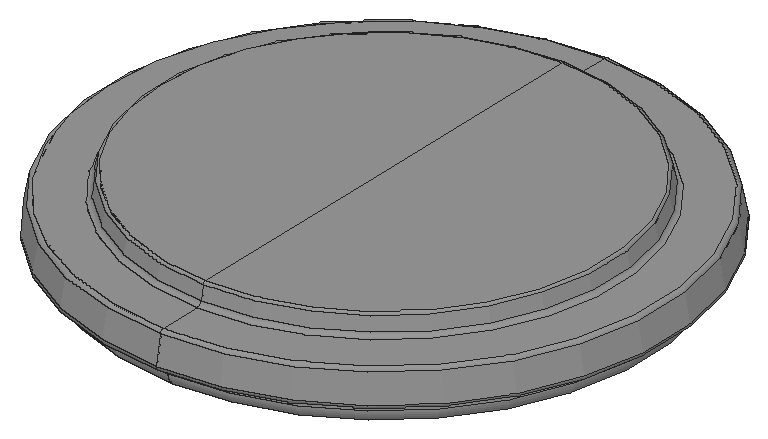
Revit family "FMK12_63_UN_Surface-mounted_ETK", category Lighting Fixtures, Revit 2017 (continued)
Definition of nested family "FMK.1 - Lightsource"
  Types (13, lengths in mm): name | Wattage Comments | Photometric Web File | built-in parameter 1150142 | Apparent Load
      537.1923\t510.3185\t483.5692\t456.7314\t429.1337\r\n401.576\t374.0792\t343.7273\t313.8252\t284.3692\t255.4331\t225.3259\t196.5097\t168.4813\t140.3186\r\n113.6458\t88.3264\t18.7483\t0\t0\t0\r\n874.5378\t873.5718\t871.3143\t868.2482\t864.0699\t858.7769\t852.7475\t845.0684\t836.6126\t826.9223\r\n816.0356\t804.4589\t791.4169\t777.3062\t762.6625\t747.446\t730.8942\t712.4232\t692.6625\t672.1055\r\n651.0285\t629.2854\t606.6172\t583.5472\t559.7246\t535.5937\t510.998\t484.7145\t456.6754\t428.5854\r\n400.4188\t372.2688\t344.6054\t314.312\t284.0728\t254.4418\t225.5761\t195.949\t167.9463\t140.4687\r\n113.4379\t88.1362\t71.0875\t0\t0\t0\r\n874.5378\t873.5778\t871.6724\t868.2862\t864.0811\t858.7397\t852.5389\t845.0283\t836.473\t826.8146\r\n815.9634\t804.3563\t791.3211\t777.2327\t762.3076\t746.381\t729.7628\t712.3959\t693.7249\t673.7875\r\n651.7581\t629.8357\t606.8066\t583.4555\t559.2172\t534.5241\t509.2913\t483.5462\t457.6773\t429.0467\r\n400.3767\t371.4921\t342.6683\t314.0384\t285.1107\t254.3394\t224.7361\t196.0291\t167.3291\t140.3142\r\n113.4771\t87.9507\t64.3151\t0\t0\t0\r\n874.5378\t873.5822\t871.7051\t868.3368\t864.1141\t858.7394\t852.5027\t844.8246\t836.3773\t826.6924\r\n815.914\t804.2489\t791.2202\t777.1011\t762.2471\t746.2464\t729.1785\t711.2863\t692.7002\t673.907\r\n652.9753\t631.371\t607.691\t583.9619\t559.5607\t534.4564\t508.8191\t482.5071\t455.9153\t428.6437\r\n401.3324\t371.8328\t342.2571\t312.8981\t283.7646\t255.346\t224.8809\t195.4228\t167.3581\t139.5585\r\n113.6418\t87.8922\t64.2382\t8.706\t0\t0\r\n874.5378\t873.5855\t871.7317\t868.4005\t864.1694\t858.7759\t852.5146\t844.7936\t836.1476\t826.5974\r\n815.8414\t804.1179\t791.1641\t777.044\t762.0179\t746.1226\t729.0074\t711.1016\t692.1581\t672.6484\r\n651.8985\t630.7307\t608.7859\t585.4082\t561.0742\t535.2728\t509.3136\t482.5582\t455.4728\t427.7626\r\n399.6408\t371.2677\t343.0502\t313.125\t283.1277\t253.5897\t224.8549\t196.0482\t166.9112\t139.4606\r\n112.7413\t87.9277\t63.9944\t42.3586\t0\t0\r\n874.5378\t873.5867\t871.752\t868.8147\t864.2468\t858.849\t852.5761\t844.8291\t836.1248\t826.402\r\n815.637\t804.0021\t791.0582\t776.9612\t761.8798\t746.0517\t728.897\t710.9614\t691.981\t672.329\r\n651.562\t630.0115\t607.5707\t584.3569\t560.6494\t536.4327\t510.8587\t484.1069\t456.3937\t428.1489\r\n399.4861\t370.6147\t341.6019\t312.4602\t283.6857\t253.9408\t223.9958\t195.1331\t167.5701\t139.3336\r\n112.468\t87.1663\t63.2402\t40.6889\t0\t0\r\n874.5378\t873.5864\t871.7659\t868.866\t864.6865\t858.9584\t852.6887\t844.932\t836.1945\t826.4508\r\n815.6455\t803.7881\t790.8174\t776.7697\t761.7967\t745.9151\t728.7914\t710.8409\t691.8706\t672.1189\r\n651.3591\t629.7749\t607.3922\t583.9006\t559.9617\t534.9928\t509.4867\t483.2704\t456.729\t429.5082\r\n401.0192\t371.6464\t342.0585\t312.3406\t282.6359\t252.9848\t223.8483\t195.2469\t166.3321\t138.9274\r\n113.0255\t86.7975\t60.6338\t37.9787\t3.2939\t0\r\n874.5378\t873.5845\t871.7728\t868.9005\t864.7517\t859.4224\t853.2247\t845.4756\t836.3574\t826.6182\r\n815.79\t803.8796\t790.8889\t776.8446\t761.7449\t745.7291\t728.656\t710.7077\t691.7462\t672.0155\r\n651.2864\t629.6375\t607.2429\t583.7384\t559.671\t534.6776\t509.0904\t482.6916\t455.7454\t428.1152\r\n399.9317\t371.2801\t342.2965\t313.1357\t283.8677\t254.0802\t224.01\t194.5414\t166.0764\t138.5035\r\n111.8912\t86.6696\t59.8677\t33.7962\t18.8956\t0\r\n874.5378\t873.5807\t871.7731\t868.9176\t864.7847\t859.4872\t853.3246\t845.6225\t836.9152\t827.2348\r\n816.4319\t804.4961\t791.5391\t777.5398\t762.0928\t745.9632\t728.9504\t711.0046\t692.0376\t672.115\r\n651.4037\t629.6678\t607.2565\t583.8433\t559.7558\t534.7614\t509.1452\t482.7008\t455.6668\t427.9771\r\n399.7331\t370.9579\t341.8861\t312.4368\t282.6709\t253.1872\t223.7471\t194.3836\t166.4978\t139.1964\r\n112.0848\t86.278\t61.7421\t29.4463\t15.7909\t0\r\n874.5378\t873.5755\t871.7661\t868.9174\t864.7857\t859.4991\t853.3397\t845.6535\t836.9663\t827.3039\r\n816.4996\t804.5916\t791.6701\t777.722\t762.7344\t746.5279\t729.6284\t711.7409\t692.8269\t672.8605\r\n652.2142\t630.4644\t608.0729\t584.7833\t560.762\t535.7658\t510.192\t483.7714\t456.7989\t428.9026\r\n400.6212\t371.8524\t342.6601\t313.1727\t283.557\t253.9669\t224.4794\t195.2484\t166.903\t139.071\r\n112.2525\t86.6658\t62.555\t33.1958\t13.3965\t10.8428\r\n874.5378\t873.5683\t871.7522\t868.9\t864.7542\t859.4576\t853.27\t845.5682\t836.871\t827.168\r\n816.3012\t804.3925\t791.4245\t777.4274\t762.0274\t745.8074\t728.8085\t710.8932\t691.9384\t671.9543\r\n651.2316\t629.4622\t607.0318\t583.6717\t559.5989\t534.5809\t508.8838\t482.5296\t455.4505\t427.7122\r\n399.497\t370.5209\t341.4888\t311.9798\t282.4217\t252.9404\t223.3652\t194.0868\t166.1129\t138.7711\r\n111.6707\t85.6632\t61.9355\t31.745\t14.7161\t0\r\n874.5378\t873.5594\t871.7314\t868.8655\t864.6902\t859.3634\t853.116\t845.367\t836.2714\t826.4828\r\n815.5296\t803.6718\t790.659\t776.6219\t761.6045\t745.4178\t728.3728\t710.4776\t691.5383\t671.6976\r\n650.9256\t629.2107\t606.7719\t583.4136\t559.3399\t534.3123\t508.5781\t482.3166\t455.2757\t427.4838\r\n399.4251\t370.5529\t341.6624\t312.4964\t283.2118\t253.4384\t223.2804\t193.749\t165.1177\t137.3662\r\n110.6576\t85.3817\t61.8435\t32.3883\t16.5386\t0\r\n874.5378\t873.5488\t871.7039\t868.8137\t864.5942\t858.8694\t852.5258\t844.7671\t836.0645\t826.2487\r\n815.2581\t803.4749\t790.4663\t776.4419\t761.5884\t745.4647\t728.38\t710.4823\t691.5428\t671.6192\r\n650.8192\t629.1405\t606.6856\t583.4004\t559.3159\t534.2642\t508.6703\t482.5708\t455.9544\t428.4128\r\n400.2011\t370.641\t341.0997\t311.2502\t281.3074\t251.6406\t222.3464\t193.5851\t164.8984\t137.482\r\n111.5561\t85.066\t61.4688\t36.8367\t2.8175\t0\r\n874.5378\t873.5366\t871.6694\t868.7447\t864.1252\t858.7295\t852.3629\t844.6134\t835.95\t826.1321\r\n815.1286\t803.586\t790.5828\t776.5418\t761.5393\t745.4367\t728.3358\t710.4255\t691.4979\t671.6068\r\n650.8316\t629.146\t606.7062\t583.6236\t559.612\t535.2815\t509.4116\t483.0524\t455.0708\t426.7148\r\n398.0643\t369.1044\t340.0497\t310.6902\t281.7444\t251.9973\t222.2199\t193.4802\t166.0353\t137.5909\r\n110.4203\t84.907\t61.229\t38.3068\t0\t0\r\n874.5378\t873.5227\t871.6285\t868.3112\t864.0164\t858.6254\t852.2545\t844.5295\t835.9249\t826.2812\r\n815.2254\t803.5877\t790.567\t776.4972\t761.4942\t745.4868\t728.3802\t710.3903\t691.2948\t671.5659\r\n650.9368\t629.5383\t607.7505\t584.3768\t559.6906\t533.692\t507.346\t480.9531\t453.6267\t425.8941\r\n397.6065\t369.1847\t340.8336\t310.9444\t281.1368\t251.5888\t222.9379\t194.1917\t164.9845\t137.2643\r\n110.323\t85.2793\t61.3599\t39.1384\t0\t0\r\n874.5378\t873.5071\t871.5811\t868.2301\t863.9298\t858.5572\t852.2007\t844.5146\t836.1201\t826.2817\r\n815.2028\t803.6118\t790.5441\t776.488\t761.4852\t745.4399\t728.2014\t710.3975\t691.4949\t672.5998\r\n651.8244\t629.8369\t606.2504\t582.3727\t557.7674\t532.4203\t506.4894\t480.3812\t453.6059\t426.1977\r\n398.6793\t369.3129\t339.8389\t310.5699\t281.4929\t253.1723\t222.7268\t193.2386\t165.0631\t137.0356\r\n110.8843\t85.0985\t61.4941\t8.1914\t0\t0\r\n874.5378\t873.4902\t871.5278\t868.1619\t863.8648\t858.5252\t852.2012\t844.6992\t836.1372\t826.2145\r\n815.2541\t803.5832\t790.4973\t776.4171\t761.2854\t745.3382\t728.3859\t711.3501\t692.1958\t672.2171\r\n650.2374\t628.0707\t604.9181\t581.3745\t557.0695\t531.9922\t506.5216\t480.7971\t454.8203\t426.1843\r\n397.6372\t368.8224\t340.0626\t311.5374\t282.5883\t251.8048\t222.2881\t193.527\t164.7077\t137.4862\r\n110.5445\t84.9836\t61.3334\t0\t0\t0\r\n874.5378\t873.4716\t871.1474\t868.1061\t863.8214\t858.5291\t852.4045\t844.689\t836.1072\t826.1969\r\n815.2373\t803.5188\t790.4219\t776.2264\t761.3979\t746.1378\t729.0821\t711.0239\t690.841\t670.3909\r\n649.1584\t627.2061\t604.2708\t581.0194\t557.0613\t532.5959\t507.844\t481.4188\t453.4997\t425.5058\r\n397.4694\t369.3362\t341.7743\t311.4835\t281.1792\t251.5838\t222.7303\t193.2173\t165.1013\t137.4624\r\n110.4173\t85.0342\t67.548\t0\t0\t0\r\n874.5378\t873.4518\t871.098\t868.062\t863.7991\t858.7481\t852.5\t844.6855\t836.0876\t826.1832\r\n815.211\t803.2747\t790.2758\t776.4052\t762.1799\t746.0472\t728.3438\t709.2535\t689.7636\t669.4388\r\n648.4962\t626.8384\t604.2126\t581.3408\t557.7532\t533.7776\t506.9621\t480.0893\t453.1292\t425.8497\r\n398.3428\t370.8436\t340.593\t310.68\t281.1013\t252.1371\t222.1939\t193.4646\t165.4105\t137.2273\r\n110.4684\t85.0747\t17.8491\t0\t0\t0\r\n874.5378\t873.4307\t871.0546\t868.0295\t863.7979\t858.823\t852.5238\t844.6756\t836.0531\t826.1726\r\n815.0242\t803.267\t790.536\t777.2732\t761.8659\t744.6974\t726.7811\t708.3049\t689.066\t668.8957\r\n648.2678\t626.9323\t604.8346\t582.6715\t558.3432\t532.3764\t506.2836\t480.1082\t453.7371\t426.9201\r\n399.5042\t369.4263\t339.821\t310.7152\t281.9363\t251.5333\t222.3384\t194.1778\t165.0767\t137.1926\r\n110.5867\t85.158\t0\t0\t0\t0\r\n874.5378\t873.4084\t871.0174\t868.0074\t863.9782\t858.855\t852.5347\t844.6615\t836.0073\t826.1602\r\n815.0473\t803.3722\t791.3655\t777.0594\t760.4598\t743.7584\t726.0979\t707.7042\t688.7687\t668.8887\r\n648.5609\t627.6845\t606.2692\t581.8574\t557.0948\t531.8283\t506.5164\t480.8068\t455.3729\t427.7516\r\n397.9966\t368.866\t339.9889\t311.5061\t281.1693\t251.6302\t223.0944\t193.7326\t164.9165\t137.296\r\n110.7672\t92.6719\t0\t0\t0\t0\r\n874.5378\t873.3851\t870.9864\t867.9804\t864.0099\t858.8791\t852.5298\t844.6389\t835.95\t826.0359\r\n815.1802\t804.1752\t791.2075\t775.7259\t759.6064\t743.0978\t725.6624\t707.4716\t688.8183\t669.2989\r\n649.3205\t628.7157\t605.1307\t581.0278\t556.792\t532.1068\t507.2488\t482.5284\t454.9652\t426.3368\r\n397.5234\t369.1232\t340.9559\t310.6969\t281.0219\t252.0617\t222.9785\t193.4688\t165.0023\t137.5269\r\n110.9832\t57.7845\t0\t0\t0\t0\r\n874.5378\t873.361\t870.9611\t867.9764\t864.0397\t858.8947\t852.5099\t844.6086\t835.7159\t826.1116\r\n815.952\t804.107\t789.9901\t774.8418\t758.999\t742.6154\t725.5089\t707.5924\t689.2267\t670.0786\r\n650.3041\t627.4499\t604.3867\t580.9269\t556.9728\t532.9366\t508.8417\t481.897\t453.8789\t425.7503\r\n397.7895\t370.0639\t340.319\t310.5456\t281.3872\t252.7353\t222.5949\t193.4507\t165.1616\t137.768\r\n111.2268\t0\t0\t0\t0\t0\r\n874.5378\t873.3357\t870.9415\t867.9821\t864.067\t858.9014\t852.465\t844.5526\t835.697\t826.2614\r\n816.0864\t803.6152\t789.202\t774.2582\t758.6697\t742.3064\t725.6242\t708.0264\t689.8951\t671.1272\r\n649.0676\t626.8292\t604.1416\t581.0734\t557.6848\t534.63\t508.4278\t480.9271\t453.3281\t425.9125\r\n398.728\t369.5453\t339.9046\t310.7678\t282.3063\t252.2366\t222.4436\t193.5077\t165.3959\t138.0713\r\n121.3613\t0\t0\t0\t0\t0\r\n874.5378\t872.9774\t870.9624\t868.1791\t864.092\t858.8967\t852.3319\t844.3515\t835.7488\t826.9915\r\n815.9889\t802.3564\t788.584\t773.8981\t758.5075\t742.3275\t725.9478\t708.7198\t690.9781\t670.0402\r\n648.425\t626.5008\t604.2788\t581.6461\t559.4292\t534.6424\t507.435\t480.4643\t453.4368\t426.4353\r\n398.8264\t369.0672\t339.9817\t311.2998\t282.1365\t251.941\t222.4806\t193.7413\t165.6824\t138.3686\r\n92.7694\t0\t0\t0\t0\t0\r\n874.5378\t872.9521\t870.951\t868.1967\t864.1148\t858.8619\t852.2664\t844.3465\t835.8721\t827.0222\r\n815.5225\t801.7478\t788.1341\t773.6613\t758.5189\t742.6444\t726.4356\t710.0644\t690.0841\t669.3074\r\n648.1138\t626.5633\t604.9057\t582.6996\t559.6685\t533.2\t506.8356\t480.4643\t454.0791\t427.2698\r\n397.9034\t368.9925\t340.3708\t312.1658\t281.7084\t251.8435\t222.5897\t193.9868\t166.0251\t138.699\r\n14.9663\t0\t0\t0\t0\t0\r\n874.5378\t872.9285\t870.9433\t868.212\t864.1354\t858.8421\t852.2069\t844.3899\t836.6052\t826.7985\r\n814.3264\t801.2999\t787.8124\t773.5896\t758.7203\t743.1742\t727.5886\t709.9551\t689.3562\t668.923\r\n648.2026\t627.0816\t605.5443\t584.0246\t558.2718\t532.554\t506.7208\t480.8279\t455.1122\t426.5682\r\n397.6913\t369.2033\t341.0246\t311.5899\t281.4368\t251.7971\t222.7655\t194.3008\t166.4016\t153.2556\r\n0\t0\t0\t0\t0\t0\r\n874.5378\t872.9069\t870.9386\t868.2257\t864.185\t858.8183\t851.9755\t844.5097\t836.6798\t826.3234\r\n813.784\t800.9822\t787.5701\t773.6819\t759.0134\t743.8787\t727.9122\t708.6283\t688.9772\t668.8748\r\n648.4573\t627.6471\t607.2662\t582.8449\t557.6585\t532.2931\t506.9896\t481.5344\t454.5783\t426.0799\r\n397.8116\t369.7484\t341.7884\t311.1765\t281.2486\t251.8609\t222.9676\t194.5925\t166.7495\t135.4469\r\n0\t0\t0\t0\t0\t0\r\n874.5378\t872.8873\t870.9363\t868.2381\t864.1949\t858.791\t852.0553\t844.6019\t836.5831\t825.2274\r\n813.3331\t800.7868\t787.5218\t773.9534\t759.4913\t745.1929\t727.0053\t707.9728\t688.7873\t668.9993\r\n649.0036\t629.299\t606.9956\t581.9623\t557.3651\t532.4466\t507.4576\t482.3684\t454\t425.9998\r\n398.1114\t370.8218\t340.9856\t310.9265\t281.2218\t251.9715\t223.2218\t194.9282\t167.063\t93.5989\r\n0\t0\t0\t0\t0\t0\r\n874.5378\t872.8692\t870.9368\t868.25\t864.1949\t858.7593\t852.1064\t845.2098\t836.3088\t824.7548\r\n812.9482\t800.638\t787.6594\t774.2694\t760.1867\t745.2601\t726.4795\t707.6945\t688.8051\t669.3589\r\n649.7637\t629.8292\t605.7869\t581.5746\t557.2111\t532.8607\t508.6718\t481.3983\t453.7475\t426.1148\r\n398.6647\t371.0606\t340.6131\t310.7157\t281.1881\t252.152\t223.4993\t195.2628\t167.4196\t13.2541\r\n0\t0\t0\t0\t0\t0\r\n874.5378\t872.8494\t870.939\t868.2666\t864.1885\t858.7139\t852.1766\t845.1624\t835.9373\t824.414\r\n812.6672\t800.5604\t787.8615\t774.6067\t761.4721\t744.1557\t726.2023\t707.6318\t688.8733\t670.0819\r\n651.1927\t628.8454\t605.2276\t581.4412\t557.6111\t533.479\t508.7908\t481.0305\t453.6399\t426.472\r\n399.7939\t370.2583\t340.2739\t310.5922\t281.3168\t252.3789\t223.7711\t195.5688\t180.0939\t0\r\n0\t0\t0\t0\t0\t0\r\n874.5378\t872.8345\t870.9428\t868.2788\t864.1751\t858.672\t852.2572\t845.1349\t835.013\t824.0988\r\n812.5028\t800.5405\t788.1073\t775.2296\t761.604\t743.727\t725.923\t707.76\t689.2865\t670.7182\r\n651.5245\t628.1751\t604.897\t581.4903\t558.0072\t534.7468\t508.0518\t480.868\t453.8544\t426.9476\r\n400.0277\t369.8302\t340.067\t310.5716\t281.4306\t252.5944\t224.1092\t195.9748\t157.197\t0\r\n0\t0\t0\t0\t0\t0\r\n874.5378\t872.8219\t870.9477\t868.2897\t864.1558\t858.453\t852.3157\t845.0791\t834.6249\t823.796\r\n812.4475\t800.5442\t788.459\t776.4141\t761.1442\t743.4574\t725.8335\t708.0663\t689.8824\t672.0721\r\n650.6803\t627.7465\t604.8006\t581.743\t558.6289\t534.7917\t507.7168\t481.3787\t454.4154\t428.0592\r\n399.2589\t369.4126\t339.8892\t310.6205\t281.6174\t252.8834\t224.4504\t196.3059\t118.3434\t0\r\n0\t0\t0\t0\t0\t0\r\n874.5378\t872.8107\t870.9534\t868.2996\t864.1176\t858.4334\t852.4115\t845.0974\t834.2703\t823.5867\r\n812.5083\t800.7278\t788.8292\t776.5746\t760.1341\t743.1717\t725.8886\t708.4254\t690.6393\t672.4379\r\n649.9567\t627.6406\t604.9496\t582.2043\t559.7484\t533.8654\t507.4859\t481.1029\t455.4086\t429.164\r\n398.971\t369.1463\t339.8235\t310.6736\t281.8098\t253.1968\t224.8415\t196.7255\t31.9915\t0\r\n0\t0\t0\t0\t0\t0\r\n874.5378\t872.8015\t871.1429\t868.308\t864.1004\t858.4294\t853.0114\t844.9043\t833.8973\t823.4907\r\n812.5544\t801.0655\t789.1452\t776.5354\t759.7264\t742.9408\t726.0542\t708.8403\t692.1219\t672.26\r\n649.5891\t627.4363\t605.2852\t582.8997\t559.9971\t533.5288\t507.4298\t481.4059\t455.4431\t428.6033\r\n399.2041\t369.4637\t339.9591\t310.8159\t282.0774\t253.5515\t225.2304\t213.5555\t1.3866\t0\r\n0\t0\t0\t0\t0\t0\r\n874.5378\t872.7941\t871.1174\t868.3155\t864.0856\t858.4398\t852.9888\t844.0705\t833.6942\t823.3962\r\n812.5777\t801.475\t790.2465\t775.5141\t759.3445\t742.9683\t726.1921\t709.3398\t692.5373\t671.2616\r\n649.4168\t627.5109\t605.553\t584.2067\t559.2507\t533.4118\t507.5734\t481.8005\t456.5115\t427.6425\r\n398.2456\t369.0111\t340.349\t311.4724\t282.5248\t253.9431\t225.6406\t197.3849\t0\t0\r\n0\t0\t0\t0\t0\t0\r\n874.5378\t872.7884\t871.1198\t868.3214\t864.0714\t858.4701\t852.9325\t843.7409\t833.6473\t823.2429\r\n812.7131\t801.8505\t790.691\t774.9735\t759.1347\t742.9272\t726.5629\t709.8764\t692.4735\t670.8095\r\n649.3575\t627.7671\t606.0971\t584.3736\t559.0374\t533.3513\t507.7778\t482.2777\t456.7614\t427.209\r\n398.0085\t368.9449\t340.0432\t311.3117\t282.7547\t254.4763\t226.1867\t170.8479\t0\t0\r\n0\t0\t0\t0\t0\t0\r\n874.5378\t872.7847\t871.1223\t868.338\t864.0578\t858.5237\t852.8341\t843.4478\t833.5488\t823.2067\r\n812.9309\t802.161\t790.8695\t774.7542\t758.9229\t743.0095\t726.8766\t711.1584\t691.5004\t670.4968\r\n649.3255\t628.0131\t606.6955\t584.4671\t558.616\t533.3076\t508.1456\t482.8324\t456.4182\t426.833\r\n397.8704\t368.9464\t340.1717\t311.549\t283.0694\t254.7372\t226.55\t135.9928\t0\t0\r\n0\t0\t0\t0\t0\t0\r\n874.5378\t872.7827\t871.1248\t868.3385\t864.0404\t858.6363\t852.6731\t843.1397\t833.4635\t823.2886\r\n813.0276\t802.6322\t790.6786\t774.6813\t758.8626\t743.1652\t727.2359\t711.4659\t691.1113\t670.2713\r\n649.4165\t628.407\t607.697\t583.5695\t558.5595\t533.5279\t508.37\t483.7612\t455.5512\t426.5722\r\n397.6973\t368.9345\t340.3225\t311.8335\t283.4464\t255.1709\t250.9827\t49.0323\t0\t0\r\n0\t0\t0\t0\t0\t0\r\n874.5378\t872.7824\t871.1273\t868.3336\t864.0218\t858.7104\t852.5489\t842.8917\t833.3688\t823.3781\r\n813.1947\t803.6353\t789.7431\t774.5645\t758.9698\t743.3083\t727.755\t711.4599\t690.7643\t670.1637\r\n649.5053\t628.8581\t608.1902\t583.3468\t558.4625\t533.6548\t508.8402\t484.1538\t455.201\t426.3018\r\n397.6395\t369.0329\t340.5025\t312.0882\t283.7884\t255.6057\t247.447\t20.395\t0\t0\r\n0\t0\t0\t0\t0\t0\r\n874.5378\t872.7842\t871.13\t868.3244\t863.8177\t858.7744\t852.4437\t842.6847\t833.222\t823.5262\r\n813.4184\t803.7318\t789.472\t774.355\t759.2004\t743.6342\t728.0876\t711.4192\t690.4506\t670.1786\r\n649.6945\t629.1648\t608.1704\t583.2992\t558.6503\t533.8852\t509.326\t484.0605\t454.8593\t426.225\r\n397.6911\t369.1505\t340.6853\t312.3818\t284.1728\t256.0384\t237.1609\t0\t0\t0\r\n0\t0\t0\t0\t0\t0\r\n874.5378\t872.7874\t871.133\t868.3112\t863.819\t859.3046\t852.4209\t842.5108\t833.1295\t823.6174\r\n813.7004\t803.7124\t789.1229\t774.26\t759.223\t744.1329\t729.3142\t710.2648\t690.3864\t670.1592\r\n649.9661\t629.794\t607.8971\t583.0212\t558.7433\t534.3983\t510.4872\t483.2263\t454.6172\t426.1513\r\n397.6846\t369.266\t340.9541\t312.7436\t284.584\t256.5004\t221.7078\t0\t0\t0\r\n0\t0\t0\t0\t0\t0\r\n874.5378\t872.7926\t871.1365\t868.2726\t863.8123\t859.3416\t852.2686\t842.4314\t833.065\t823.6221\r\n814.0622\t803.7139\t788.8391\t774.1231\t759.2704\t744.3484\t729.6577\t710.2353\t690.1562\t670.31\r\n650.3185\t630.635\t6
      07.254\t583.0959\t558.7842\t534.5868\t510.9239\t483.162\t454.6901\t426.2272\r\n397.7657\t369.4458\t341.2148\t313.0653\t284.9522\t256.9235\t202.3618\t0\t0\t0\r\n0\t0\t0\t0\t0\t0\r\n874.5378\t872.7993\t871.1166\t868.2572\t863.8063\t859.3721\t851.5001\t842.4617\t833.0791\t823.7032\r\n814.2286\t803.8126\t788.6492\t774.0281\t759.3653\t744.5446\t729.5962\t709.9595\t690.3358\t670.5518\r\n650.6352\t630.9604\t607.0703\t583.0666\t559.1029\t535.0702\t511.134\t482.831\t454.4883\t426.2376\r\n398.0035\t369.7985\t341.6168\t313.4983\t285.4299\t257.4451\t180.4155\t0\t0\t0\r\n0\t0\t0\t0\t0\t0\r\n874.5378\t872.808\t871.1226\t868.245\t863.8001\t859.4232\t851.3304\t842.4052\t833.2185\t823.8307\r\n814.4499\t803.611\t788.6712\t774.074\t759.4764\t744.8784\t729.556\t709.6624\t690.1842\t670.6245\r\n651.1255\t631.2163\t607.0184\t583.0926\t559.177\t535.3177\t511.3009\t482.83\t454.5751\t426.2887\r\n398.0948\t369.959\t341.8881\t313.8666\t285.8902\t257.9527\t156.8784\t0\t0\t0\r\n0\t0\t0\t0\t0\t0\r\n874.5378\t872.8184\t871.1327\t868.2366\t863.7659\t859.442\t851.1995\t842.2831\t833.2931\t824.0742\r\n815.3474\t802.8117\t788.5502\t774.2374\t759.7599\t745.2055\t729.4821\t709.6885\t690.3288\t670.7949\r\n651.2991\t631.0308\t606.9175\t583.2677\t559.5088\t535.716\t511.1151\t482.5063\t454.3613\t426.2954\r\n398.3135\t370.292\t342.2782\t314.28\t286.2865\t285.7104\t75.7514\t0\t0\t0\r\n0\t0\t0\t0\t0\t0\r\n874.5378\t872.8303\t871.1474\t868.2319\t863.7671\t859.4492\t851.1179\t842.2219\t833.2847\t824.2664\r\n815.6777\t802.7252\t788.5708\t774.3078\t760.0126\t746.2546\t729.4181\t709.6036\t690.4208\t671.2998\r\n652.0436\t631.1536\t606.885\t583.2315\t559.6544\t536.0892\t511.0662\t482.478\t454.4372\t426.4124\r\n398.4095\t370.4465\t342.5088\t314.5962\t286.7324\t284.7759\t56.2397\t0\t0\t0\r\n0\t0\t0\t0\t0\t0\r\n874.5378\t872.9292\t871.1662\t868.2222\t863.7828\t859.4115\t851.0383\t842.1901\t833.3088\t824.3775\r\n815.8992\t802.6644\t788.5706\t774.4926\t760.3018\t746.6516\t728.7718\t709.6587\t690.5486\t671.4178\r\n652.8694\t630.6985\t607.2176\t583.6288\t560.013\t536.9103\t510.2848\t482.3372\t454.4364\t426.5228\r\n398.6154\t370.7206\t342.8538\t315.0007\t287.1577\t282.0541\t40.6303\t0\t0\t0\r\n0\t0\t0\t0\t0\t0\r\n874.5378\t872.9421\t871.1895\t868.2289\t863.813\t859.4289\t850.9458\t842.1785\t833.3425\t824.4884\r\n816.0098\t802.6081\t788.5081\t774.4197\t760.5076\t747.0261\t728.9124\t709.75\t690.6681\t671.6222\r\n653.1125\t630.6166\t607.191\t583.7136\t560.2623\t537.2756\t510.2714\t482.4034\t454.5235\t426.6428\r\n398.7845\t370.9388\t343.1172\t315.3122\t287.5372\t278.281\t28.3147\t0\t0\t0\r\n0\t0\t0\t0\t0\t0\r\n874.5378\t872.9536\t871.2178\t868.2423\t863.8973\t859.4757\t850.9192\t842.1772\t833.407\t824.5792\r\n816.0584\t802.5411\t788.5733\t774.5563\t760.425\t746.7394\t728.5126\t709.8467\t690.9749\t672.0158\r\n653.3897\t630.5492\t607.23\t583.911\t560.6015\t537.6543\t510.3862\t482.5319\t454.6872\t426.8534\r\n399.0246\t371.2208\t343.4282\t315.6487\t287.897\t274.075\t18.7649\t0\t0\t0\r\n0\t0\t0\t0\t0\t0\r\n874.5378\t872.9635\t871.2508\t868.2624\t863.9335\t859.6451\t850.945\t842.2266\t833.498\t824.7344\r\n816.1561\t802.4519\t788.4984\t774.5534\t760.6869\t746.9877\t728.5191\t709.72\t690.8923\t672.1174\r\n653.6104\t630.6843\t607.411\t584.1119\t560.8297\t537.813\t510.3909\t482.6159\t454.8709\t427.0912\r\n399.3256\t371.5648\t343.7972\t316.0485\t288.2968\t270.0522\t11.5459\t0\t0\t0\r\n0\t0\t0\t0\t0\t0\r\n874.5378\t872.9714\t871.3639\t868.2884\t863.9556\t859.6826\t851.0876\t842.3925\t833.6237\t824.9127\r\n816.3267\t802.6034\t788.7087\t774.7074\t760.7517\t746.9554\t728.4273\t709.7284\t691.0773\t672.3444\r\n653.7585\t630.7193\t607.5092\t584.2858\t561.074\t538.0033\t510.443\t482.7079\t454.9761\t427.2487\r\n399.5129\t371.7934\t344.0769\t316.3533\t288.6432\t266.5167\t6.2928\t0\t0\t0\r\n0\t0\t0\t0\t0\t0\r\n874.5378\t872.9779\t871.3936\t868.3509\t863.9618\t859.6622\t851.08\t842.4429\t833.8043\t825.1533\r\n816.5375\t802.7559\t788.8974\t775.0675\t761.2477\t747.4784\t728.8517\t710.1629\t691.4644\t672.7759\r\n654.0767\t630.9276\t607.7084\t584.5\t561.3026\t538.1756\t510.5621\t482.8684\t455.1604\t427.4669\r\n399.7643\t372.0719\t344.378\t316.6918\t288.9912\t263.8668\t2.734\t0\t0\t0\r\n0\t0\t0\t0\t0\t0\r\n874.5378\t872.9823\t871.4164\t868.3794\t863.9122\t859.4661\t850.884\t842.2908\t833.7953\t825.1875\r\n816.5804\t802.7805\t788.9656\t775.15\t761.3335\t747.5231\t728.8636\t710.1726\t691.4937\t672.8166\r\n654.1476\t630.9852\t607.8098\t584.6146\t561.4286\t538.2518\t510.6042\t482.9378\t455.2737\t427.6085\r\n399.9451\t372.281\t344.6062\t316.9428\t289.2806\t262.2707\t0.6743\t0\t0\t0\r\n0\t0\t0\t0\t0\t0" | 25 VA
  Reference planes
    plane 1 "Center (Front/Back)": y = 0
    plane 2: z = 0
    plane 3 "Center (Left/Right)": x = 0
  Dimensions and locks
    aligned and locked: level to plane 2
Definition of nested family "FMK.1 D300 Light_Symbol_IVL"
  Parameters (values of type "Symbol 350mm")
    Waterproof [instance] = no
    Wall mounted [instance] = no
    Lighting Fixture [instance] = yes
    Emergency Lighting [instance] = no
  Types (3): name
    Symbol 250mm
    Symbol 300mm
    Symbol 350mm
  Reference planes
    plane 1: y = 0
    plane 2: x = 0
  Lines and regions (mm)
    Filled region 1, type "Emergency Lighting", visible <- "Waterproof"
      outline origin (5.15, 1.04, 0) x (1, 0, 0) y (0, 1, 0)
        loop
          arc (-6.62, -1.34) -> (-5.15, -2.54) -> (-3.68, -1.34) r 1.5
          line (-3.68, -1.34) -> (-6.62, -1.34)
    Filled region 2, type "Emergency Lighting", visible <- "Emergency Lighting"
      outline origin (-5.15, 1.04, 0) x (0, 1, 0) y (-1, 0, 0)
        loop
          line (-1.04, -5.15) -> (-2.101, -6.211)
          arc (-2.101, -6.211) -> (-1.04, -6.65) -> (0.02, -6.211) r 1.5
          line (0.02, -6.211) -> (-1.04, -5.15)
    Filled region 3, type "Emergency Lighting", visible <- "Emergency Lighting"
      outline origin (5.15, 1.04, 0) x (1, 0, 0) y (0, 1, 0)
        loop
          line (-5.15, -1.04) -> (-6.211, 0.02)
          arc (-6.211, 0.02) -> (-6.65, -1.04) -> (-6.211, -2.101) r 1.5
          line (-6.211, -2.101) -> (-5.15, -1.04)
    detail lines, visible <- "Lighting Fixture"
      curve 1: circle (0, 0, 0) r 1.5 normal (0, 0, 1)
    detail lines, visible <- "Waterproof"
      curve 2: circle (0, 0, 0) r 1.5 normal (0, 0, 1)
    detail lines, visible <- "Emergency Lighting"
      curve 3: circle (0, 0, 0) r 1.5 normal (0, 0, 1)
    detail lines, visible <- "Wall mounted"
      curve 4: line (-1.5, 0, 0) -> (-2.5, 0, 0)
      curve 5: line (-2.5, 0.75, 0) -> (-2.5, -0.75, 0)
Types (6, lengths in mm): name | Wattage Comments | Apparent Load
  FMK.1209.10 - Ø300x40 / 18W | "18W" | 18 VA
  FMK.1229.10 - Ø300x40 / 18W | "18W" | 18 VA
  FMK.1239.10 - Ø300x40 / 18W | "18W" | 18 VA
  FMK.1209.10N - Ø300x40 / 18W | "12W" | 12 VA
  FMK.1229.10N - Ø300x40 / 18W | "18W" | 18 VA
  FMK.1239.10N - Ø300x40 / 18W | "18W" | 18 VA
